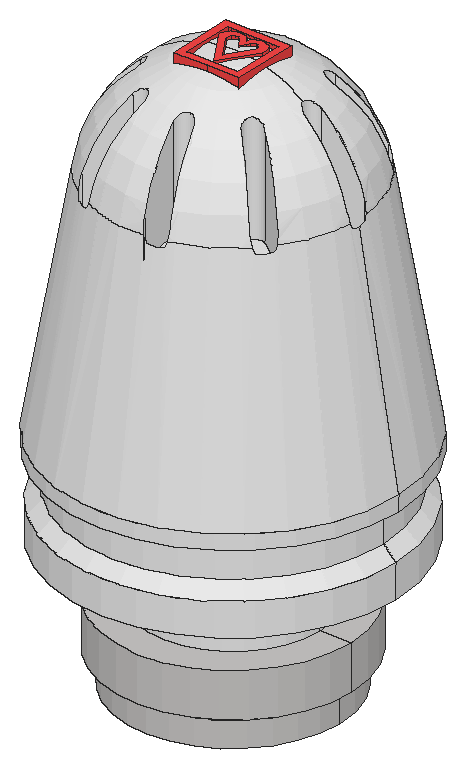
Revit family "HERZ-Mini-GS-Design-Thermostatic Sensor M28x1.5 9200 03", category Rohrzubehör, Revit 2019
Family settings
  Bemaßung runder Anschluss = Durchmesser verwenden
  Teiletyp = Normal
  OmniClass-Nummer = 23.65.55.14
  OmniClass-Titel = Valves for Liquid Services
  Arbeitsebenenbasiert = Nein
  Immer vertikal = Nein
  Beim Laden mit Abzugskörper schneiden = Nein
  Gemeinsam genutzt = Nein
Parameters
  URL = "www.herzvalves.com"
  Set value range = "0-30°C"  # constant formula
  S02 = 60 mm  # constant formula
  S01 = 73 mm  # constant formula
  Part number = 1920003  # constant formula
  Shut off zero position = "When set to \"0\", the thermostatic valve is shut off and the frost protection is disabled."
  Operation = "The HERZ thermostat serves as a sensing and control element.\r\nThe volumetric change of the liquid filling in the HERZ hydrosensor moves the thrust spindle of the valve."
  Hersteller = "HERZ Armaturen Ges.m.b.H."  # constant formula
  Hand wheel = "plastic, white"  # constant formula
  Frost protection = 6 °C  # constant formula
  Frost protection setpoint range = "6-30°C"  # constant formula
  Frost protection * = "When set to *, the valve automatically opens at approx.\r\n6 ° C ambient temperature and prevents the system from freezing"
  Application = "For mounting on valves that are designed for thermostatic operation."
Reference planes
  plane 1 "Mitte (Vorne/hinten)": y = 0
  plane 2: z = 0
  plane 3 "Mitte (Links/rechts)": x = 0
Forms (mm)
  Revolve 1, solid, material "Kunststoff weiß", detail levels fine
    sketch origin (0, 0, 0) x (1, 0, 0) y (0, 0, 1)
      loop
        line (0, 0) -> (0, 73)
        arc (0, 73) -> (-11.397, 68.78) -> (-17.297, 58.156) r 17.5
        arc (-17.297, 58.156) -> (-20.011, 42.065) -> (-22.88, 26) r 1681.293
        line (-22.88, 26) -> (-22.88, 24) -> (-20.75, 24) -> (-20.75, 19.25) -> (-22.5, 17.5) -> (-22.5, 13) -> (-12.8, 13)
        arc (-12.8, 13) -> (-12.234, 12.766) -> (-12, 12.2) r 0.8
        line (-12, 12.2) -> (-12, 4.8) -> (-13.2, 4.8) -> (-13.2, 0) -> (0, 0)
      axis (0, 73) -> (0, 0)
    angle from 0 to 360
  Revolve 2, solid, material "Messing verzinkt", detail levels fine
    sketch origin (0, 0, 0) x (1, 0, 0) y (0, 0, 1)
      loop
        line (0, 0) -> (0, 5.5) -> (-16.35, 5.5) -> (-16.35, -0.576) -> (-14.75, -1.5) -> (-14.75, -5) -> (-13.35, -5) -> (-13.35, 0) -> (0, 0)
      axis (0, 5.5) -> (0, -5)
    angle from 0 to 360
  Extrusion 3, void
    sketch origin (0, 0, 0) x (1, 0, 0) y (0, 1, 0)
      loop
        arc (11.027, 1.298) -> (9.8, 0) -> (11.027, -1.298) r 1.3
        line (11.027, -1.298) -> (16.77, -1.62)
        arc (16.77, -1.62) -> (17.178, -1.485) -> (17.384, -1.107) r 0.586
        arc (17.384, -1.107) -> (17.453, 0.011) -> (17.382, 1.129) r 9
        arc (17.382, 1.129) -> (17.183, 1.492) -> (16.79, 1.621) r 0.564
        line (16.79, 1.621) -> (11.027, 1.298)
      loop
        line (9.282, 6.094) -> (13.904, 9.55)
        arc (13.904, 9.55) -> (14.121, 9.902) -> (14.04, 10.308) r 0.564
        arc (14.04, 10.308) -> (13.376, 11.21) -> (12.605, 12.023) r 9
        arc (12.605, 12.023) -> (12.205, 12.18) -> (11.805, 12.021) r 0.586
        line (11.805, 12.021) -> (7.613, 8.082)
        arc (7.613, 8.082) -> (7.507, 6.299) -> (9.282, 6.094) r 1.3
      loop
        arc (0.637, 11.085) -> (1.702, 9.651) -> (3.193, 10.634) r 1.3
        line (3.193, 10.634) -> (4.508, 16.234)
        arc (4.508, 16.234) -> (4.445, 16.659) -> (4.109, 16.928) r 0.586
        arc (4.109, 16.928) -> (3.02, 17.189) -> (1.907, 17.313) r 9
        arc (1.907, 17.313) -> (1.515, 17.181) -> (1.319, 16.816) r 0.564
        line (1.319, 16.816) -> (0.637, 11.085)
      loop
        line (-4.39, 10.199) -> (-6.991, 15.351)
        arc (-6.991, 15.351) -> (-7.3, 15.626) -> (-7.713, 15.617) r 0.564
        arc (-7.713, 15.617) -> (-8.717, 15.12) -> (-9.651, 14.501) r 9
        arc (-9.651, 14.501) -> (-9.875, 14.134) -> (-9.788, 13.713) r 0.586
        line (-9.788, 13.713) -> (-6.638, 8.901)
        arc (-6.638, 8.901) -> (-4.9, 8.487) -> (-4.39, 10.199) r 1.3
      loop
        arc (-10.806, 2.552) -> (-9.209, 3.352) -> (-9.918, 4.991) r 1.3
        line (-9.918, 4.991) -> (-15.204, 7.258)
        arc (-15.204, 7.258) -> (-15.634, 7.271) -> (-15.957, 6.986) r 0.586
        arc (-15.957, 6.986) -> (-16.404, 5.959) -> (-16.719, 4.884) r 9
        arc (-16.719, 4.884) -> (-16.657, 4.475) -> (-16.332, 4.219) r 0.564
        line (-16.332, 4.219) -> (-10.806, 2.552)
      loop
        line (-10.806, -2.552) -> (-16.332, -4.219)
        arc (-16.332, -4.219) -> (-16.657, -4.475) -> (-16.719, -4.884) r 0.564
        arc (-16.719, -4.884) -> (-16.404, -5.959) -> (-15.957, -6.986) r 9
        arc (-15.957, -6.986) -> (-15.634, -7.271) -> (-15.204, -7.258) r 0.586
        line (-15.204, -7.258) -> (-9.918, -4.991)
        arc (-9.918, -4.991) -> (-9.209, -3.352) -> (-10.806, -2.552) r 1.3
      loop
        arc (9.282, -6.094) -> (7.507, -6.299) -> (7.613, -8.082) r 1.3
        line (7.613, -8.082) -> (11.805, -12.021)
        arc (11.805, -12.021) -> (12.205, -12.18) -> (12.605, -12.023) r 0.586
        arc (12.605, -12.023) -> (13.376, -11.21) -> (14.04, -10.308) r 9
        arc (14.04, -10.308) -> (14.121, -9.902) -> (13.904, -9.55) r 0.564
        line (13.904, -9.55) -> (9.282, -6.094)
      loop
        line (0.637, -11.085) -> (1.319, -16.816)
        arc (1.319, -16.816) -> (1.515, -17.181) -> (1.907, -17.313) r 0.564
        arc (1.907, -17.313) -> (3.02, -17.189) -> (4.109, -16.928) r 9
        arc (4.109, -16.928) -> (4.445, -16.659) -> (4.508, -16.234) r 0.586
        line (4.508, -16.234) -> (3.193, -10.634)
        arc (3.193, -10.634) -> (1.702, -9.651) -> (0.637, -11.085) r 1.3
      loop
        arc (-4.39, -10.199) -> (-4.9, -8.487) -> (-6.638, -8.901) r 1.3
        line (-6.638, -8.901) -> (-9.788, -13.713)
        arc (-9.788, -13.713) -> (-9.875, -14.134) -> (-9.651, -14.501) r 0.586
        arc (-9.651, -14.501) -> (-8.717, -15.12) -> (-7.713, -15.617) r 9
        arc (-7.713, -15.617) -> (-7.3, -15.626) -> (-6.991, -15.351) r 0.564
        line (-6.991, -15.351) -> (-4.39, -10.199)
    from 55 to 73
Cuts and joins
  Extrusion 3 cuts Revolve 1
Lines and regions (mm)
  model lines, detail levels coarse+medium
    curve 1: line (0, 0, 0) -> (0, 0, 13)
    curve 2: line (0, -0.017, 0) -> (0, 13, 0)
    curve 3: circle (0, 0, 43) r 30 normal (0, -1, 0)
    curve 4: circle (0, 0, 43) r 30 normal (1, 0, 0)
    curve 5: line (0, 0, 23) -> (0, 0, 63)
    curve 6: line (0, -17.5, 63) -> (0, 17.5, 63)
    curve 7: line (0, 0, 23) -> (0, 0, 63)
    curve 8: line (-17.5, 0, 63) -> (17.5, 0, 63)
    curve 9: circle (0, 43, 0) r 30 normal (0, 0, 1)
    curve 10: line (0, 23, 0) -> (0, 63, 0)
    curve 11: line (-17.5, 63, 0) -> (17.5, 63, 0)
Dimensions and locks
  "S01": curve 4 to plane 2
  "S01": curve 3 to plane 2
  "S01": plane 1 "Mitte (Vorne/hinten)" to curve 9
  "S02": diameter of curve 3
  "S02": diameter of curve 4
  "S02": diameter of curve 9
  aligned and locked: level to plane 2
Automatic sketch dimensions
  Revolve 1 sketch curve to level = 0 mm
  Revolve 1 sketch curve to plane 3 "Mitte (Links/rechts)" = 0 mm  (x2)
  Revolve 1 sketch curve to plane 3 "Mitte (Links/rechts)" = 12 mm
  Revolve 1 sketch curve to Revolve 1 sketch curve = 0.8 mm
  Revolve 1 sketch curve to Revolve 1 sketch curve = 1.2 mm
  Revolve 1 sketch curve to Revolve 1 sketch curve = 7.95 mm
  Revolve 1 sketch curve to Revolve 1 sketch curve = 1.75 mm  (x2)
  Revolve 1 sketch curve to Revolve 1 sketch curve = 2.13 mm
  level to Revolve 1 sketch curve = 329.658 mm
  Revolve 1 sketch curve to plane 3 "Mitte (Links/rechts)" = 1676.524 mm
  level to Revolve 1 sketch curve = 4.8 mm
  Revolve 1 sketch curve to Revolve 1 sketch curve = 7.4 mm
  Revolve 1 sketch curve to Revolve 1 sketch curve = 4.5 mm
  Revolve 1 sketch curve to Revolve 1 sketch curve = 4.75 mm
  Revolve 1 sketch curve to Revolve 1 sketch curve = 2 mm
  Revolve 1 sketch curve to Revolve 1 sketch curve = 29.5 mm
  Revolve 1 sketch curve to Revolve 1 sketch curve = 17.5 mm
  Revolve 1 sketch curve to level = 366.045 mm
  Revolve 1 sketch curve to Revolve 1 sketch curve = 2141.315 mm
  Revolve 2 sketch curve to level = 0 mm
  Revolve 2 sketch curve to plane 3 "Mitte (Links/rechts)" = 0 mm  (x2)
  Revolve 2 sketch curve to level = 5 mm
  Revolve 2 sketch curve to plane 3 "Mitte (Links/rechts)" = 13.35 mm
  Revolve 2 sketch curve to Revolve 2 sketch curve = 1.4 mm
  Revolve 2 sketch curve to level = 0.576 mm
  Revolve 2 sketch curve to Revolve 2 sketch curve = 1.6 mm
  Revolve 2 sketch curve to level = 1.5 mm
  level to Revolve 2 sketch curve = 5.5 mm
  Revolve 2 sketch curve to Revolve 2 sketch curve = 361.045 mm
  Revolve 2 sketch curve to Revolve 2 sketch curve = 2208.815 mm
  plane 1 "Mitte (Vorne/hinten)" to Extrusion 3 sketch curve = 0 mm  (x2)
  Extrusion 3 sketch curve to plane 1 "Mitte (Vorne/hinten)" = 4.219 mm
  Extrusion 3 sketch curve to plane 3 "Mitte (Links/rechts)" = 16.332 mm
  plane 1 "Mitte (Vorne/hinten)" to Extrusion 3 sketch curve = 4.219 mm
  Extrusion 3 sketch curve to Extrusion 3 sketch curve = 0 mm  (x11)
  Extrusion 3 sketch curve to Extrusion 3 sketch curve = 0.163 mm  (x2)
  Extrusion 3 sketch curve to Extrusion 3 sketch curve = 0.734 mm  (x2)
  plane 1 "Mitte (Vorne/hinten)" to Extrusion 3 sketch curve = 7.258 mm
  Extrusion 3 sketch curve to Extrusion 3 sketch curve = 0.231 mm  (x2)
  Extrusion 3 sketch curve to plane 1 "Mitte (Vorne/hinten)" = 7.258 mm
  plane 1 "Mitte (Vorne/hinten)" to Extrusion 3 sketch curve = 2.552 mm
  Extrusion 3 sketch curve to Extrusion 3 sketch curve = 5.526 mm
  Extrusion 3 sketch curve to plane 1 "Mitte (Vorne/hinten)" = 2.552 mm
  Extrusion 3 sketch curve to Extrusion 3 sketch curve = 0.375 mm  (x2)
  Extrusion 3 sketch curve to Extrusion 3 sketch curve = 0.512 mm  (x2)
  Extrusion 3 sketch curve to Extrusion 3 sketch curve = 5.416 mm  (x2)
  Extrusion 3 sketch curve to Extrusion 3 sketch curve = 0.49 mm  (x2)
  Extrusion 3 sketch curve to Extrusion 3 sketch curve = 2.488 mm  (x2)
  Extrusion 3 sketch curve to Extrusion 3 sketch curve = 1.803 mm  (x2)
  Extrusion 3 sketch curve to Extrusion 3 sketch curve = 0.504 mm  (x2)
  Extrusion 3 sketch curve to Extrusion 3 sketch curve = 3.281 mm  (x2)
  Extrusion 3 sketch curve to Extrusion 3 sketch curve = 1.088 mm  (x2)
  Extrusion 3 sketch curve to Extrusion 3 sketch curve = 1.16 mm  (x2)
  Extrusion 3 sketch curve to Extrusion 3 sketch curve = 1.324 mm  (x2)
  plane 3 "Mitte (Links/rechts)" to Extrusion 3 sketch curve = 0.637 mm  (x2)
  plane 3 "Mitte (Links/rechts)" to Extrusion 3 sketch curve = 1.319 mm  (x2)
  plane 3 "Mitte (Links/rechts)" to Extrusion 3 sketch curve = 1.468 mm  (x2)
  Extrusion 3 sketch curve to Extrusion 3 sketch curve = 0.561 mm  (x2)
  Extrusion 3 sketch curve to Extrusion 3 sketch curve = 1.291 mm  (x2)
  Extrusion 3 sketch curve to Extrusion 3 sketch curve = 1.266 mm  (x2)
  Extrusion 3 sketch curve to Extrusion 3 sketch curve = 2.058 mm  (x2)
  Extrusion 3 sketch curve to Extrusion 3 sketch curve = 0.57 mm  (x2)
  Extrusion 3 sketch curve to Extrusion 3 sketch curve = 5.007 mm  (x2)
  Extrusion 3 sketch curve to Extrusion 3 sketch curve = 1.138 mm  (x2)
  Extrusion 3 sketch curve to Extrusion 3 sketch curve = 1.978 mm
  Extrusion 3 sketch curve to Extrusion 3 sketch curve = 0.89 mm  (x2)
  Extrusion 3 sketch curve to Extrusion 3 sketch curve = 0.779 mm  (x2)
  plane 1 "Mitte (Vorne/hinten)" to Extrusion 3 sketch curve = 1.298 mm
  Extrusion 3 sketch curve to Extrusion 3 sketch curve = 2.575 mm
  Extrusion 3 sketch curve to Extrusion 3 sketch curve = 0.073 mm
  Extrusion 3 sketch curve to Extrusion 3 sketch curve = 4.192 mm  (x2)
  Extrusion 3 sketch curve to Extrusion 3 sketch curve = 0.401 mm  (x2)
  Extrusion 3 sketch curve to Extrusion 3 sketch curve = 1.36 mm  (x2)
  Extrusion 3 sketch curve to Extrusion 3 sketch curve = 0.338 mm  (x2)
  plane 1 "Mitte (Vorne/hinten)" to Extrusion 3 sketch curve = 1.62 mm
  Extrusion 3 sketch curve to Extrusion 3 sketch curve = 5.743 mm
  Extrusion 3 sketch curve to plane 1 "Mitte (Vorne/hinten)" = 1.621 mm
  Extrusion 3 sketch curve to Extrusion 3 sketch curve = 0.02 mm
  Extrusion 3 sketch curve to Extrusion 3 sketch curve = 0.033 mm
  Extrusion 3 sketch curve to Extrusion 3 sketch curve = 0.032 mm
  plane 1 "Mitte (Vorne/hinten)" to Extrusion 3 sketch curve = 7.32 mm
  Extrusion 3 sketch curve to Extrusion 3 sketch curve = 6.784 mm
  Extrusion 3 sketch curve to Extrusion 3 sketch curve = 1.004 mm
  Extrusion 3 sketch curve to Extrusion 3 sketch curve = 1.581 mm  (x2)
  Extrusion 3 sketch curve to Extrusion 3 sketch curve = 1.468 mm
  Extrusion 3 sketch curve to Extrusion 3 sketch curve = 0.712 mm  (x2)
  Extrusion 3 sketch curve to Extrusion 3 sketch curve = 0.452 mm  (x2)
  Extrusion 3 sketch curve to Extrusion 3 sketch curve = 2.31 mm  (x2)
  Extrusion 3 sketch curve to Extrusion 3 sketch curve = 0.297 mm  (x2)
  Extrusion 3 sketch curve to Extrusion 3 sketch curve = 1.591 mm  (x2)
  Extrusion 3 sketch curve to Extrusion 3 sketch curve = 0.427 mm  (x2)
  Extrusion 3 sketch curve to Extrusion 3 sketch curve = 4.812 mm  (x2)
  Extrusion 3 sketch curve to Extrusion 3 sketch curve = 0.321 mm  (x2)
  Extrusion 3 sketch curve to Extrusion 3 sketch curve = 1.063 mm  (x2)
  Extrusion 3 sketch curve to Extrusion 3 sketch curve = 0.254 mm  (x2)
  Extrusion 3 sketch curve to Extrusion 3 sketch curve = 5.599 mm  (x2)
  Extrusion 3 sketch curve to Extrusion 3 sketch curve = 0.134 mm  (x2)
  Extrusion 3 sketch curve to Extrusion 3 sketch curve = 0.382 mm  (x2)
  Extrusion 3 sketch curve to Extrusion 3 sketch curve = 0.067 mm  (x2)
  Extrusion 3 sketch curve to Extrusion 3 sketch curve = 0.947 mm
  Extrusion 3 sketch curve to Extrusion 3 sketch curve = 0.539 mm  (x2)
  Extrusion 3 sketch curve to Extrusion 3 sketch curve = 1.702 mm
  Extrusion 3 sketch curve to Extrusion 3 sketch curve = 2.439 mm
  Extrusion 3 sketch curve to Extrusion 3 sketch curve = 0.54 mm  (x2)
  Extrusion 3 sketch curve to Extrusion 3 sketch curve = 0.905 mm
  Extrusion 3 sketch curve to Extrusion 3 sketch curve = 0.585 mm
  Extrusion 3 sketch curve to Extrusion 3 sketch curve = 0.564 mm
  Extrusion 3 sketch curve to Extrusion 3 sketch curve = 0.339 mm
  Extrusion 3 sketch curve to Extrusion 3 sketch curve = 1.245 mm
  Extrusion 3 sketch curve to plane 1 "Mitte (Vorne/hinten)" = 5.433 mm
  Extrusion 3 sketch curve to Extrusion 3 sketch curve = 0.661 mm
  Extrusion 3 sketch curve to Extrusion 3 sketch curve = 1.041 mm
  Extrusion 3 sketch curve to Extrusion 3 sketch curve = 4.429 mm
  Extrusion 3 sketch curve to Extrusion 3 sketch curve = 2.891 mm
  Extrusion 3 sketch curve to Extrusion 3 sketch curve = 3.456 mm
  Extrusion 3 sketch curve to plane 1 "Mitte (Vorne/hinten)" = 1.298 mm  (x2)
  curve 5 to plane 1 "Mitte (Vorne/hinten)" = 0 mm
  curve 4 to plane 1 "Mitte (Vorne/hinten)" = 0 mm
  plane 1 "Mitte (Vorne/hinten)" to curve 6 = 17.5 mm
  curve 5 to curve 6 = 17.5 mm
  curve 5 to curve 4 = 20 mm
  curve 4 to curve 6 = 20 mm
  curve 3 to plane 3 "Mitte (Links/rechts)" = 0 mm
  curve 7 to plane 3 "Mitte (Links/rechts)" = 0 mm
  curve 1 to plane 3 "Mitte (Links/rechts)" = 0 mm
  curve 1 to level = 0 mm
  curve 8 to curve 7 = 17.5 mm
  plane 3 "Mitte (Links/rechts)" to curve 8 = 17.5 mm
  curve 1 to curve 7 = 10 mm
  curve 3 to curve 8 = 20 mm
  curve 9 to plane 3 "Mitte (Links/rechts)" = 0 mm
  curve 10 to plane 3 "Mitte (Links/rechts)" = 0 mm
  curve 2 to plane 3 "Mitte (Links/rechts)" = 0 mm
  curve 11 to curve 10 = 17.5 mm
  plane 3 "Mitte (Links/rechts)" to curve 11 = 17.5 mm
  plane 1 "Mitte (Vorne/hinten)" to curve 2 = 0.017 mm
  curve 2 to curve 10 = 10 mm
  curve 9 to curve 11 = 20 mm
Nested families
  nested 1: "Herz-Logo" at (0, 0, 71.5), type "Herz-Logo", detail levels fine
Definition of nested family "Herz-Logo"
  Reference planes
    plane 1 "Mitte (Vorne/hinten)": y = 0
    plane 2: z = 0
    plane 3 "Mitte (Links/rechts)": x = 0
  Forms (mm)
    Extrusion 1, solid
      sketch origin (0, 0, 0) x (1, 0, 0) y (0, 1, 0)
        loop
          line (-0.018, -4.517) -> (4.482, -4.517) -> (4.482, 4.483) -> (-4.518, 4.483) -> (-4.518, -4.517) -> (-0.018, -4.517)
        loop
          line (-0.05, -3.48) -> (3.482, -3.48) -> (3.482, 3.483) -> (-3.518, 3.483) -> (-3.518, -3.48) -> (-0.05, -3.48)
        loop
          arc (-0.018, 2.383) -> (-1.543, 3.287) -> (-3.067, 2.383) r 1.738
          arc (-3.067, 2.383) -> (-3.191, 1.899) -> (-3.067, 1.415) r 1.009
          line (-3.067, 1.415) -> (-0.018, -3.281) -> (3.032, 1.415)
          arc (3.032, 1.415) -> (3.156, 1.899) -> (3.032, 2.383) r 1.009
          arc (3.032, 2.383) -> (1.507, 3.287) -> (-0.018, 2.383) r 1.738
        loop
          arc (1.885, 1.272) -> (2.005, 1.675) -> (1.885, 2.079) r 0.74
          arc (1.885, 2.079) -> (1.265, 2.416) -> (0.644, 2.079) r 0.74
          line (0.644, 2.079) -> (-0.018, 0.97) -> (-0.679, 2.079)
          arc (-0.679, 2.079) -> (-1.3, 2.416) -> (-1.921, 2.079) r 0.74
          arc (-1.921, 2.079) -> (-2.04, 1.675) -> (-1.921, 1.272) r 0.74
          line (-1.921, 1.272) -> (-0.018, -1.658) -> (1.885, 1.272)
      from 0 to 1.5
  Dimensions and locks
    aligned and locked: level to plane 2
